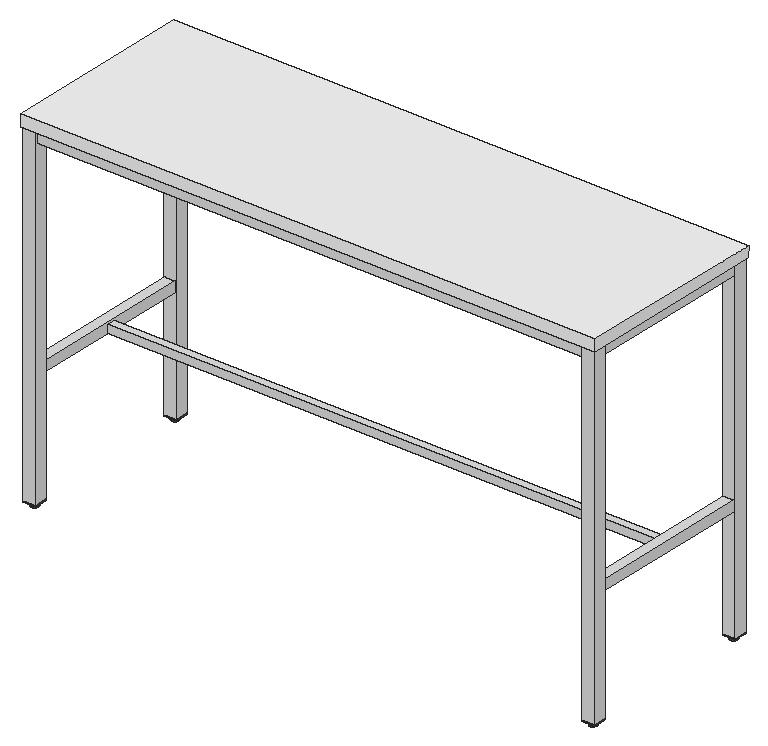
Revit family "Deck Panel Ended 600 Deep 1100 High", category Furniture, Revit 2016
Family settings
  OmniClass Number = 23.40.20.00
  OmniClass Title = General Furniture and Specialties
  Work Plane-Based = No
  Always vertical = Yes
  Cut with Voids When Loaded = No
  Shared = No
  Room Calculation Point = No
Parameters (values of type "1800 x 600")
  Width = 1800 mm
  URL = "www.gof.co.uk"
  Type Comments = ""
  Range = "DECK"
  Product Code = "DCPTSL186"
  Table Top = Gresham - White MFC
  Model = ""
  Manufacturer = "Gresham Office Furniture"  # constant formula
  Frame = Gresham - Silver Metal
  Foot = Gresham - Black Plastic
  Assembly Code = "E2020200"
Types (3, lengths in mm): name | Width | Product Code
  (no name) | 1800 | "DCPTSL186"
  1600 x 600 | 1600 | "DCPTSL166"
  1800 x 600 | 1800 | "DCPTSL186"
Reference planes
  plane 1 "Center (Front/Back)": y = 0
  plane 2: z = 0
  plane 3 "Center (Left/Right)": x = 0
  plane 4: x = -900
  plane 5: x = 900
  plane 6 "Table Underside": z = 1064
  plane 7: y = 300
  plane 8: y = -300
  plane 9 "Foot": z = 15
  plane 10 "Modesty Panel": z = 814
  plane 11: y = 62.5
  plane 12: y = -62.5
Forms (mm)
  Extrusion 1, solid, material "Gresham - Black Plastic"
    sketch origin (474.491, 501.168, 0) x (0.707107, -0.707107, 0) y (0.707107, 0.707107, 0)
      loop
        circle (831.937, -265.673) r 12
      loop
        circle (443.086, 123.178) r 12
    from 0 to 5
  Extrusion 2, solid, material "Gresham - White MFC" <- "Table Top"
    sketch origin (0, 0, 1064) x (-1, 0, 0) y (0, -1, 0)
      loop
        line (-900, -300) -> (900, -300) -> (900, 300) -> (-900, 300) -> (-900, -300)
    from 0 to 36
  Extrusion 3, solid, material "Gresham - Silver Metal" <- "Frame"
    sketch origin (995, -16.506, 0) x (0, -1, 0) y (0, 0, 1)
      loop
        line (238.494, 1064) -> (238.494, 15) -> (278.494, 15) -> (278.494, 1064) -> (238.494, 1064)
    from 100 to 140
  Extrusion 4, solid, material "Gresham - Silver Metal"
    sketch origin (0, 16.622, 15) x (-1, 0, 0) y (0, -1, 0)
      loop
        circle (-875, 291.622) r 5
      loop
        circle (-875, -258.378) r 5
    from -10 to -5
  Extrusion 5, solid, material "Gresham - Black Plastic" <- "Foot"
    sketch origin (0, 0, 15) x (-1, 0, 0) y (0, -1, 0)
      loop
        line (895, 295) -> (855, 295) -> (855, 255) -> (895, 255) -> (895, 295)
      loop
        line (895, -295) -> (895, -255) -> (855, -255) -> (855, -295) -> (895, -295)
      loop
        line (-895, 295) -> (-895, 255) -> (-855, 255) -> (-855, 295) -> (-895, 295)
      loop
        line (-895, -295) -> (-855, -295) -> (-855, -255) -> (-895, -255) -> (-895, -295)
    from 0 to -5
  Extrusion 6, solid, material "Gresham - Silver Metal" <- "Frame"
    sketch origin (-995, -16.506, 0) x (0, -1, 0) y (0, 0, -1)
      loop
        line (238.494, -1064) -> (278.494, -1064) -> (278.494, -15) -> (238.494, -15) -> (238.494, -1064)
    from 100 to 140
  Extrusion 7, solid, material "Gresham - Silver Metal" <- "Frame"
    sketch origin (995, 16.506, 0) x (0, 1, 0) y (0, 0, -1)
      loop
        line (238.494, -1064) -> (278.494, -1064) -> (278.494, -15) -> (238.494, -15) -> (238.494, -1064)
    from 100 to 140
  Extrusion 8, solid, material "Gresham - Silver Metal" <- "Frame"
    sketch origin (-995, 16.506, 0) x (0, 1, 0) y (0, 0, 1)
      loop
        line (238.494, 1064) -> (238.494, 15) -> (278.494, 15) -> (278.494, 1064) -> (238.494, 1064)
    from 100 to 140
  Extrusion 9, solid, material "Gresham - Black Plastic"
    sketch origin (-474.491, 501.168, 0) x (-0.707107, -0.707107, 0) y (0.707107, -0.707107, 0)
      loop
        circle (831.937, 265.673) r 12
      loop
        circle (443.086, -123.178) r 12
    from 0 to 5
  Extrusion 10, solid, material "Gresham - Silver Metal"
    sketch origin (0, 16.622, 15) x (1, 0, 0) y (0, 1, 0)
      loop
        circle (-875, -291.622) r 5
      loop
        circle (-875, 258.378) r 5
    from -10 to -5
  Extrusion 11, solid, material "Gresham - Silver Metal" <- "Frame"
    sketch origin (-855, -16.506, 0) x (0, -1, 0) y (0, 0, -1)
      loop
        line (274.494, -1064) -> (274.494, -1032) -> (242.494, -1032) -> (242.494, -1064) -> (274.494, -1064)
    from 0 to 1710
  Extrusion 12, solid, material "Gresham - Silver Metal" <- "Frame"
    sketch origin (634.248, 355, 0) x (1, 0, 0) y (0, 0, 1)
      loop
        line (256.752, 1064) -> (224.752, 1064) -> (224.752, 1032) -> (256.752, 1032) -> (256.752, 1064)
    from 100 to 610
  Extrusion 13, solid, material "Gresham - Silver Metal" <- "Frame"
    sketch origin (516.506, 355, 1434) x (1, 0, 0) y (0, 0, 1)
      loop
        line (374.494, -1064) -> (374.494, -1032) -> (342.494, -1032) -> (342.494, -1064) -> (374.494, -1064)
    from 100 to 610
  Extrusion 14, solid, material "Gresham - Silver Metal" <- "Frame"
    sketch origin (-755.275, 255, 402) x (0, 0, -1) y (0, 1, 0)
      loop
        line (28.5, -267.5) -> (28.5, -242.5) -> (3.5, -242.5) -> (3.5, -267.5) -> (28.5, -267.5)
    from -103.725 to 1614.275
  Extrusion 15, solid, material "Gresham - Silver Metal" <- "Frame"
    sketch origin (-855, 16.506, 0) x (0, 1, 0) y (0, 0, 1)
      loop
        line (274.494, 1064) -> (242.494, 1064) -> (242.494, 1032) -> (274.494, 1032) -> (274.494, 1064)
    from 0 to 1710
  Extrusion 16, solid, material "Gresham - Silver Metal" <- "Frame"
    sketch origin (-634.248, 355, 0) x (-1, 0, 0) y (0, 0, -1)
      loop
        line (256.752, -1064) -> (256.752, -1032) -> (224.752, -1032) -> (224.752, -1064) -> (256.752, -1064)
    from 100 to 610
  Extrusion 17, solid, material "Gresham - Silver Metal" <- "Frame"
    sketch origin (-516.506, 355, 1434) x (-1, 0, 0) y (0, 0, -1)
      loop
        line (374.494, 1064) -> (342.494, 1064) -> (342.494, 1032) -> (374.494, 1032) -> (374.494, 1064)
    from 100 to 610
Dimensions and locks
  locked: plane 6 "Table Underside" to plane 2 at 1064
  equal spacing: plane 4, plane 3 "Center (Left/Right)", plane 5
  "Width": plane 4 to plane 5
  equal spacing: plane 7, plane 1 "Center (Front/Back)", plane 8
  locked: plane 7 to plane 8 at 600
  locked: Extrusion 2 to level at 1100
  locked: plane 10 "Modesty Panel" to plane 6 "Table Underside" at 250
  locked: Extrusion 3 to Extrusion 3 at 40  (x2)
  plane 7 to Extrusion 3 = 555 mm
  locked: Extrusion 3 to plane 8 at 5
  plane 9 "Foot" to plane 2 = 15 mm
  locked: Extrusion 3 to plane 5 at 5
  equal spacing: plane 12, plane 1 "Center (Front/Back)", plane 11
  plane 11 to plane 12 = 125 mm
  locked: Extrusion 2 to Extrusion 2 at 36
  locked: Extrusion 2 to Extrusion 4 sketch curve at 25  (x2)
  locked: Extrusion 2 to Extrusion 1 sketch curve at 25.041
  locked: Extrusion 6 to Extrusion 6 at 40  (x2)
  locked: plane 7 to Extrusion 1 sketch curve at 25.041
  locked: Extrusion 4 sketch curve to Extrusion 2 at 25  (x2)
  locked: Extrusion 7 to Extrusion 7 at 40  (x2)
  locked: Extrusion 8 to Extrusion 8 at 40  (x2)
  locked: Extrusion 2 to Extrusion 10 sketch curve at 25
  locked: Extrusion 10 sketch curve to plane 8 at 25
  locked: plane 7 to Extrusion 10 sketch curve at 25
  locked: plane 4 to Extrusion 10 sketch curve at 25
  locked: Extrusion 2 to Extrusion 9 sketch curve at 25.1  (x2)
  locked: Extrusion 2 to Extrusion 9 sketch curve at 25.041  (x2)
  locked: Extrusion 1 sketch curve to plane 5 at 25.1  (x2)
  locked: Extrusion 7 to plane 5 at 5
  locked: plane 7 to Extrusion 7 at 5
  locked: plane 4 to Extrusion 8 at 5
  locked: plane 7 to Extrusion 8 at 5
  locked: plane 4 to Extrusion 6 at 5
  locked: Extrusion 6 to plane 8 at 5
  locked: Extrusion 11 sketch curve to Extrusion 11 sketch curve at 32
  locked: Extrusion 11 sketch curve to Extrusion 2 at 32
  locked: Extrusion 12 sketch curve to Extrusion 12 sketch curve at 32
  locked: Extrusion 13 sketch curve to Extrusion 13 sketch curve at 32
  locked: Extrusion 13 to plane 9 "Foot" at 355
  locked: Extrusion 14 sketch curve to Extrusion 14 sketch curve at 25  (x2)
  locked: Extrusion 15 sketch curve to Extrusion 15 sketch curve at 32
  locked: Extrusion 14 to Extrusion 14 at 25
  locked: Extrusion 16 sketch curve to Extrusion 16 sketch curve at 32
  locked: Extrusion 17 sketch curve to Extrusion 17 sketch curve at 32
  locked: Extrusion 3 to Extrusion 13 at 4
  locked: Extrusion 6 to Extrusion 17 at 4
  locked: Extrusion 17 to plane 9 "Foot" at 355
  aligned and locked: level to plane 2
  aligned and locked: Extrusion 2 to plane 8
  aligned and locked: plane 7 to Extrusion 2
  aligned and locked: Extrusion 2 sketch curve to plane 4
  aligned and locked: Extrusion 2 sketch curve to plane 8
  aligned and locked: Extrusion 2 sketch curve to plane 5
  aligned and locked: plane 7 to Extrusion 2 sketch curve
  aligned and locked: Extrusion 3 to plane 9 "Foot"
  aligned and locked: Extrusion 2 to plane 6 "Table Underside"
  aligned and locked: Extrusion 11 to Extrusion 3
  aligned and locked: Extrusion 12 to Extrusion 7
  aligned and locked: Extrusion 12 to Extrusion 3
  aligned and locked: Extrusion 14 to Extrusion 12
  aligned and locked: Extrusion 13 to Extrusion 3
  aligned and locked: Extrusion 14 to Extrusion 13
  aligned and locked: Extrusion 14 to Extrusion 16
  aligned and locked: Extrusion 11 to Extrusion 6
  aligned and locked: Extrusion 14 to Extrusion 17
  aligned and locked: Extrusion 15 to Extrusion 5
  aligned and locked: Extrusion 5 to Extrusion 7
Automatic sketch dimensions
  Extrusion 3 sketch curve to plane 9 "Foot" = 0 mm
  Extrusion 3 sketch curve to plane 6 "Table Underside" = 0 mm
  plane 8 to Extrusion 3 sketch curve = 45 mm
  plane 8 to Extrusion 3 sketch curve = 5 mm
  Extrusion 6 sketch curve to plane 9 "Foot" = 0 mm
  Extrusion 6 sketch curve to plane 6 "Table Underside" = 0 mm
  plane 8 to Extrusion 6 sketch curve = 45 mm
  plane 8 to Extrusion 6 sketch curve = 5 mm
  Extrusion 7 sketch curve to plane 9 "Foot" = 0 mm
  Extrusion 7 sketch curve to plane 6 "Table Underside" = 0 mm
  Extrusion 7 sketch curve to plane 7 = 45 mm
  Extrusion 7 sketch curve to plane 7 = 5 mm
  Extrusion 8 sketch curve to plane 9 "Foot" = 0 mm
  Extrusion 8 sketch curve to plane 6 "Table Underside" = 0 mm
  Extrusion 8 sketch curve to plane 7 = 45 mm
  Extrusion 8 sketch curve to plane 7 = 5 mm
  Extrusion 11 sketch curve to Extrusion 6 = 0 mm
  Extrusion 11 sketch curve to Extrusion 6 = 4 mm
  Extrusion 12 sketch curve to plane 6 "Table Underside" = 0 mm
  plane 5 to Extrusion 12 sketch curve = 41 mm
  Extrusion 12 sketch curve to plane 6 "Table Underside" = 32 mm
  plane 5 to Extrusion 13 sketch curve = 41 mm
  plane 9 "Foot" to Extrusion 13 sketch curve = 355 mm
  Extrusion 13 sketch curve to Extrusion 13 sketch curve = 32 mm
  plane 1 "Center (Front/Back)" to Extrusion 14 sketch curve = 12.5 mm
  plane 9 "Foot" to Extrusion 14 sketch curve = 383.5 mm
  Extrusion 6 to Extrusion 15 sketch curve = 0 mm
  Extrusion 6 to Extrusion 15 sketch curve = 514 mm
  Extrusion 15 sketch curve to Extrusion 15 sketch curve = 32 mm
  Extrusion 16 sketch curve to plane 6 "Table Underside" = 0 mm
  plane 4 to Extrusion 16 sketch curve = 41 mm
  Extrusion 16 sketch curve to Extrusion 16 sketch curve = 32 mm
  plane 4 to Extrusion 17 sketch curve = 41 mm
  plane 9 "Foot" to Extrusion 17 sketch curve = 387 mm
  Extrusion 17 sketch curve to Extrusion 17 sketch curve = 32 mm
  plane 5 to Extrusion 5 sketch curve = 5 mm  (x2)
  Extrusion 5 sketch curve to Extrusion 5 sketch curve = 40 mm  (x5)
  Extrusion 5 sketch curve to plane 7 = 5 mm  (x2)
  plane 4 to Extrusion 5 sketch curve = 45 mm  (x2)
  plane 8 to Extrusion 5 sketch curve = 5 mm  (x2)
  plane 4 to Extrusion 5 sketch curve = 5 mm  (x2)
  plane 8 to Extrusion 5 sketch curve = 45 mm
  radius of Extrusion 1 sketch curve = 12 mm  (x2)
  radius of Extrusion 4 sketch curve = 5 mm  (x2)
  radius of Extrusion 9 sketch curve = 12 mm  (x2)
  radius of Extrusion 10 sketch curve = 5 mm  (x2)
